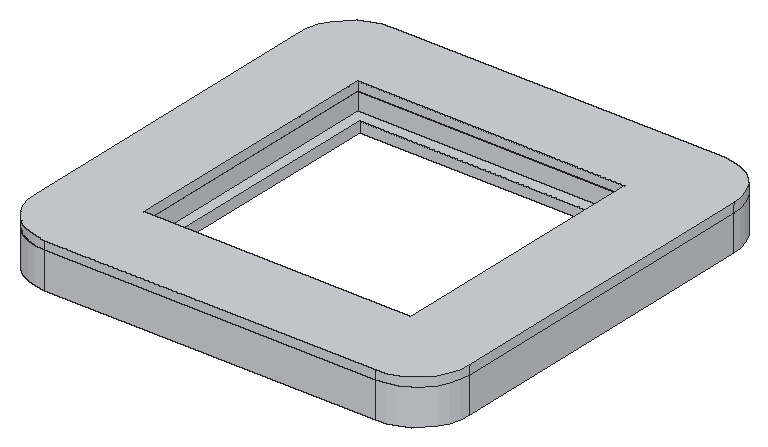
Revit family "Gira_0211427", category Electrical Fixtures, host Face, Revit 2017
Family settings
  Host = Face
  Maintain Annotation Orientation = No
  Round Connector Dimension = Use Diameter
  Part Type = Normal
  Cut with Voids When Loaded = No
  Shared = No
  Room Calculation Point = No
Parameters (values of type "Cov.fr. 1-g Gira E3 sand/anthra.")
  URL = "http://katalog.gira.de/en/datenblatt.html?artikelnr=0211427"
  Transparent = "No"
  Name = "Cov.fr. 1-g Gira E3 sand/anthra."
  Manufacturer URL = "https://www.gira.de/"
  Manufacturer = "Gira"
  Keynote = ""
  HeinzeBIM = "https://bimportal.heinze.de/bim/cov-fr-1-g-gira-e3-sand-anthra-/879f49f76cd505f873595ebd3b0ae41e0b3dd188"
  HAN = "0211427"
  GTIN = "4010337024576"
  Description = "Cov.fr.1g E3 SdAn,Gira E3 cover frame,sand soft touch with anthracite intermediate frame,1-gang,Features:,- Shatter-proof.,,Notes :,- NCS value: approx. NCS S 2005-Y20R"
  Default Elevation = 1219.2 mm
  Data sheet (1) = "https://katalog.gira.de/en/download.html?artikelnr=0211427"
  Category = "Cover frame for domestic switching devices"
  BIM (1) = "https://media.stage.bim.site/public/gira/36a6b08/E3_Rahmen_1fach.rfa"
  Available = "No"
Reference planes
  plane 1 "Center (Front/Back)": y = 0
  plane 2: z = 0
  plane 3 "Center (Left/Right)": x = 0
Forms (mm)
  Extrusion 1, solid, detail levels fine
    sketch origin (0, 0, 0) x (1, 0, 0) y (0, 1, 0)
      loop
        arc (-34.8, 45.809) -> (-42.585, 42.585) -> (-45.809, 34.8) r 11.009
        line (-45.809, 34.8) -> (-45.809, -34.8)
        arc (-45.809, -34.8) -> (-42.585, -42.585) -> (-34.8, -45.809) r 11.009
        line (-34.8, -45.809) -> (34.8, -45.809)
        arc (34.8, -45.809) -> (42.585, -42.585) -> (45.809, -34.8) r 11.009
        line (45.809, -34.8) -> (45.809, 34.8)
        arc (45.809, 34.8) -> (42.585, 42.585) -> (34.8, 45.809) r 11.009
        line (34.8, 45.809) -> (-34.8, 45.809)
      loop
        line (28.187, 28.156) -> (-28.187, 28.156) -> (-28.187, -28.156) -> (28.187, -28.156) -> (28.187, 28.156)
    from 7.65 to 9.5
  Extrusion 2, solid, detail levels fine
    sketch origin (0, 0, 0) x (1, 0, 0) y (0, 1, 0)
      loop
        line (25.7, 25.7) -> (-25.7, 25.7) -> (-25.7, -25.7) -> (25.7, -25.7) -> (25.7, 25.7)
      loop
        line (-28.187, -28.156) -> (28.187, -28.156) -> (28.187, 28.156) -> (-28.187, 28.156) -> (-28.187, -28.156)
    from 1.65 to 3.9
  Extrusion 3, solid, detail levels fine
    sketch origin (0, 0, 0) x (1, 0, 0) y (0, 1, 0)
      loop
        arc (-34.8, 45.809) -> (-42.585, 42.585) -> (-45.809, 34.8) r 11.009
        line (-45.809, 34.8) -> (-45.809, -34.8)
        arc (-45.809, -34.8) -> (-42.585, -42.585) -> (-34.8, -45.809) r 11.009
        line (-34.8, -45.809) -> (34.8, -45.809)
        arc (34.8, -45.809) -> (42.585, -42.585) -> (45.809, -34.8) r 11.009
        line (45.809, -34.8) -> (45.809, 34.8)
        arc (45.809, 34.8) -> (42.585, 42.585) -> (34.8, 45.809) r 11.009
        line (34.8, 45.809) -> (-34.8, 45.809)
      loop
        line (-43.843, 34.785) -> (-43.843, -34.785)
        arc (-43.843, -34.785) -> (-41.19, -41.19) -> (-34.785, -43.843) r 9.058
        line (-34.785, -43.843) -> (34.785, -43.843)
        arc (34.785, -43.843) -> (41.19, -41.19) -> (43.843, -34.785) r 9.058
        line (43.843, -34.785) -> (43.843, 34.785)
        arc (43.843, 34.785) -> (41.19, 41.19) -> (34.785, 43.843) r 9.058
        line (34.785, 43.843) -> (-34.785, 43.843)
        arc (-34.785, 43.843) -> (-41.19, 41.19) -> (-43.843, 34.785) r 9.058
    from 0 to 7.65
  Extrusion 4, solid, detail levels fine
    sketch origin (0, 0, 0) x (1, 0, 0) y (0, 1, 0)
      loop
        line (-27.337, -31.075) -> (27.337, -31.075)
        arc (27.337, -31.075) -> (29.98, -29.98) -> (31.075, -27.337) r 3.739
        line (31.075, -27.337) -> (31.075, 27.337)
        arc (31.075, 27.337) -> (29.98, 29.98) -> (27.337, 31.075) r 3.739
        line (27.337, 31.075) -> (-27.337, 31.075)
        arc (-27.337, 31.075) -> (-29.98, 29.98) -> (-31.075, 27.337) r 3.739
        line (-31.075, 27.337) -> (-31.075, -27.337)
        arc (-31.075, -27.337) -> (-29.98, -29.98) -> (-27.337, -31.075) r 3.739
      loop
        line (-29.925, 27.537) -> (-29.925, -27.537)
        arc (-29.925, -27.537) -> (-29.226, -29.226) -> (-27.537, -29.925) r 2.389
        line (-27.537, -29.925) -> (27.537, -29.925)
        arc (27.537, -29.925) -> (29.226, -29.226) -> (29.925, -27.537) r 2.389
        line (29.925, -27.537) -> (29.925, 27.537)
        arc (29.925, 27.537) -> (29.226, 29.226) -> (27.537, 29.925) r 2.389
        line (27.537, 29.925) -> (-27.537, 29.925)
        arc (-27.537, 29.925) -> (-29.226, 29.226) -> (-29.925, 27.537) r 2.389
    from 1.65 to 7.65
  Extrusion 5, solid, detail levels fine
    sketch origin (0, 0, 0) x (1, 0, 0) y (0, 1, 0)
      loop
        line (-32.053, -39.8) -> (32.053, -39.8)
        arc (32.053, -39.8) -> (37.667, -36.708) -> (39.9, -30.7) r 9.2
        line (39.9, -30.7) -> (39.9, 30.7)
        arc (39.9, 30.7) -> (37.205, 37.205) -> (30.7, 39.9) r 9.2
        line (30.7, 39.9) -> (-30.7, 39.9)
        arc (-30.7, 39.9) -> (-37.205, 37.205) -> (-39.9, 30.7) r 9.2
        line (-39.9, 30.7) -> (-39.9, -30.7)
        arc (-39.9, -30.7) -> (-37.667, -36.708) -> (-32.053, -39.8) r 9.2
      loop
        line (-30.7, -31.7) -> (30.7, -31.7)
        arc (30.7, -31.7) -> (31.407, -31.407) -> (31.7, -30.7) r 1
        line (31.7, -30.7) -> (31.7, 30.7)
        arc (31.7, 30.7) -> (31.407, 31.407) -> (30.7, 31.7) r 1
        line (30.7, 31.7) -> (-30.7, 31.7)
        arc (-30.7, 31.7) -> (-31.407, 31.407) -> (-31.7, 30.7) r 1
        line (-31.7, 30.7) -> (-31.7, -30.7)
        arc (-31.7, -30.7) -> (-31.407, -31.407) -> (-30.7, -31.7) r 1
    from 1.65 to 3.9
  Extrusion 6, solid, detail levels fine
    sketch origin (0, 0, 0) x (1, 0, 0) y (0, 1, 0)
      loop
        line (-28.187, 28.156) -> (-28.187, -28.156) -> (28.187, -28.156) -> (28.187, 28.156) -> (-28.187, 28.156)
      loop
        line (-29.925, 29.925) -> (-29.925, -29.925) -> (29.925, -29.925) -> (29.925, 29.925) -> (-29.925, 29.925)
    from 1.65 to 7.65
  Extrusion 7, solid, detail levels coarse+medium
    sketch origin (0, 0, 0) x (1, 0, 0) y (0, 1, 0)
      loop
        line (-45.809, 45.809) -> (-45.809, -45.809) -> (45.809, -45.809) -> (45.809, 45.809) -> (-45.809, 45.809)
    from 0 to 9.5
Dimensions and locks
  aligned and locked: plane 2 to host face
  aligned and locked: level to host face
